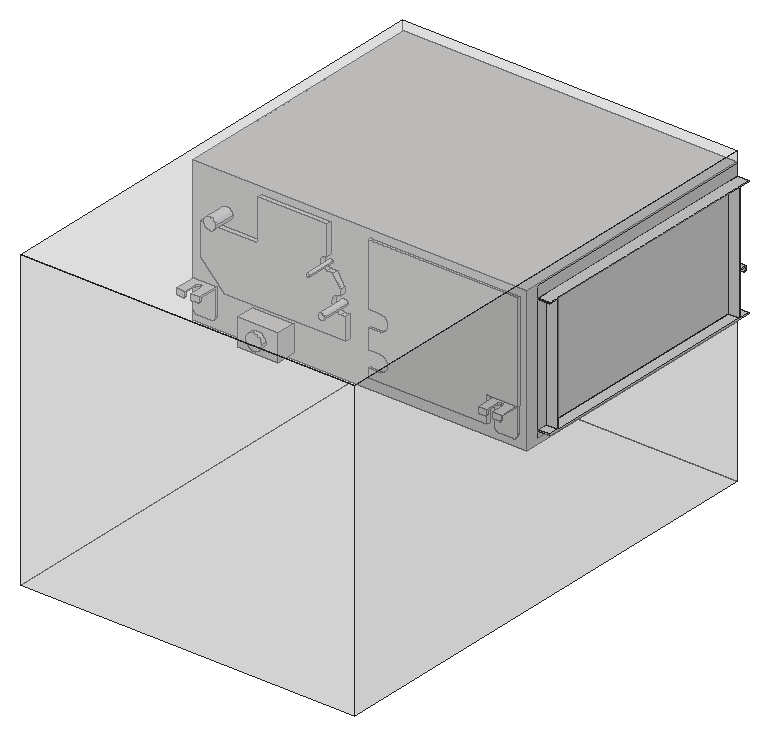
Revit family "outputfile", category 機械設備, Revit 2024
Family settings
  丸型コネクタ寸法 = 半径を使用
  パーツ タイプ = 標準
  OmniClass 番号 = 23.75.10.24.21.27.27
  OmniClass タイトル = Split System Air Conditioning Units
  作業面ベース = いいえ
  常に垂直 = はい
  ロード時にボイドで切り取り = いいえ
  注釈の向きを維持 = いいえ
  共有 = いいえ
  部屋計算ポイント = はい
Parameters (values of type "FXMQ25PAVE")
  Description = ""
  製造元 = "Daikin"
  書き出し IFC クラス(タイプ) = "IfcUnitaryEquipmentType"
  定義済み IFC タイプ(タイプ) = "AIRCONDITIONINGUNIT"
  Cost = 0
  モデル = "FXMQ25PAVE"
  Type Comments = ""
  Keynote = ""
  Type Image = (empty or 0)
  Assembly Code = ""
  r_Liquid Pipe Size = Liquid Pipe Size / 2  # 3.2 mm
  r_Gas Pipe Size = Gas Pipe Size / 2  # 6.35 mm
  r_Drain Pipe Size = Drain Pipe Size / 2  # 12.5 mm
  lw_power = 396.0 mm  # constant formula
  lh_SA = 165.0 mm  # constant formula
  lw_SA = if(Depth = 550.0 mm, 210.0 mm, if(Depth = 700.0 mm, 285.0 mm, if(Depth = 1000.0 mm, 435.0 mm, 635.0 mm)))  # 210.0 mm
  lw_RA = if(Depth = 550.0 mm, 288.0 mm, if(Depth = 700.0 mm, 363.0 mm, if(Depth = 1000.0 mm, 513.0 mm, 713.0 mm)))  # 288.0 mm
  lh_power = 60.0 mm + [h***]  # 60.0 mm
  lh_mountinghole1 = lh_mountinghole + [h***]  # 80.0 mm
  lh_RA = 150.0 mm  # constant formula
  ld_power = Depth / 2  # 275.0 mm
  Voltage_comment_60Hz = "220"
  Voltage_comment_50Hz = "220-240"
  Voltage_60Hz = 220 V
  Voltage_50Hz = 220 V
  URL = ""
  Supply Air Direction [instance] = yes
  Sound Power Level_H speed (dB) = 51
  Phase_60Hz = 1
  Phase_50Hz = 1
  Minimum External Static Pressure = 30.00 Pa
  Minimum Circuit Amps_60Hz = 0.6 A
  Minimum Circuit Amps_50Hz = 0.6 A
  Maximum Fuse Amps_60Hz = 16.0 A
  Maximum Fuse Amps_50Hz = 16.0 A
  Maximum External Static Pressure = 100.00 Pa
  Material_Casing = DAIKIN_GalvanizedSteel_Casing_indoorunit
  lw_mountinghole = 631.0 mm  # constant formula
  lh_gaspipe = 144.0 mm + [h***]  # 144.0 mm
  lh_mountinghole = 80.0 mm  # constant formula
  lh_liquidpipe = 212.0 mm + [h***]  # 212.0 mm
  lh_drainpipe = 232.0 mm + [h***]  # 232.0 mm
  lh_antena = Height - lh_mountinghole + 1.0 mm  # 221.0 mm
  ld_drainpipe = Depth / 2 + 54.0 mm  # 329.0 mm
  ld_liquidpipe = 335.0 mm
  ld_gaspipe = 335.0 mm
  ld_mountinghole = Depth + 38.0 mm  # 588.0 mm
  h*** = 0.0 mm  # constant formula
  lw_liquidpipe = 290.0 mm  # constant formula
  lw_gaspipe = 318.0 mm  # constant formula
  lw_drainpipe = 80.0 mm  # constant formula
  Width = 700.0 mm
  Version = "ver.1.0"
  Unit Type = "Middle-High Static Pressure Duct Type"
  Unit Mass Weight = 25.00 kg
  Unit Designation [instance] = ""
  Uniclass2015Version = "Products v1.30"
  Uniclass2015Title = "Variable refrigerant flow units"
  Uniclass2015Code = "Pr_70_65_03_94"
  Total Heating Capacity [instance] = 0.000 kW
  Total Cooling Capacity [instance] = 0.000 kW
  Sound Pressure Level_M speed (dBA) = 0
  Sound Pressure Level_L speed (dBA) = 28
  Sound Pressure Level_H speed (dBA) = 33
  Series = "VRV Fan Coil Unit"
  Sensible Cooling Capacity [instance] = 0.000 kW
  SA Duct Size Width = if(Depth = 550.0 mm, 310.0 mm, if(Depth = 700.0 mm, 460.0 mm, if(Depth = 1000.0 mm, 760.0 mm, 1160.0 mm)))  # 310.0 mm
  SA Duct Size Height = 215.0 mm
  Refrigerant Type = "R410A"
  RA Duct Size Width = if(Depth = 550.0 mm, 475.0 mm, if(Depth = 700.0 mm, 625.0 mm, if(Depth = 1000.0 mm, 925.0 mm, 1325.0 mm)))  # 475.0 mm
  RA Duct Size Height = 247.0 mm
  Power Input (Heating) = 0.069 kW
  Power Input (Cooling) = 0.081 kW
  Option Accessory 3 [instance] = ""
  Option Accessory 2 [instance] = ""
  Option Accessory 1 [instance] = ""
  Nominal Heating Capacity = 3.200 kW
  Nominal Cooling Capacity = 2.800 kW
  Minimum Airflow = 390.00 m³/h
  Median Airflow = 450.00 m³/h
  Maximum Airflow = 540.00 m³/h
  Load Classification = HVAC
  Liquid Pipe Size = 6.4 mm
  Link_Nested Family [instance] = ""
  IfcVersion = "0"
  IfcExportType = "AIRCONDITIONINGUNIT"
  IfcExportAs = "IfcUnitaryEquipmentType"
  Height = 300.0 mm
  Heating Entering Wet Bulb Temperature [instance] = 0.00 °C
  Heating Entering Dry Bulb Temperature [instance] = 0.00 °C
  Heating Ambient Wet Bulb Temperature [instance] = 0.00 °C
  Heating Ambient Dry Bulb Temperature [instance] = 0.00 °C
  Heat Exchanger Type = "Cross Fin Coil"
  Gas Pipe Size = 12.7 mm
  Frequency_60Hz = 60 Hz
  Frequency_50Hz = 50 Hz
  Fan Type = "Sirocco Fan"
  Fan Drive = "Direct Drive"
  FCU Tag No. [instance] = ""
  Drain Pipe Size = 25.0 mm
  Design Supply Airflow [instance] = 0.00 m³/h
  Design Return Airflow [instance] = 0.00 m³/h
  Design External Static Pressure [instance] = 0.00 Pa
  Depth = 550.0 mm
  既定の高さ = 0.0 mm
  Cooling Entering Wet Bulb Temperature [instance] = 0.00 °C
  Cooling Entering Dry Bulb Temperature [instance] = 0.00 °C
  Cooling Ambient Wet Bulb Temperature [instance] = 0.00 °C
  Cooling Ambient Dry Bulb Temperature [instance] = 0.00 °C
  Clearance visibility [instance] = yes
  Clearance Top = 20.0 mm
  Clearance Right = 0.0 mm
  Clearance Rear = 0.0 mm
  Clearance Left = 0.0 mm
  Clearance Front = 450.0 mm
  Clearance Bottom = 300.0 mm
Reference planes
  plane 1 "Center (Front/Back)": y = 0
  plane 2 "h": z = 0
  plane 3 "Center (Left/Right)": x = 0
  plane 4 "Back": y = 275
  plane 5 "Front": y = -275
  plane 6 "Left": x = -350
  plane 7 "Reight": x = 350
  plane 8 "Top": z = 0
  plane 9 "Bottom": z = -300
  plane 10: y = -215
  plane 11: y = 275
  plane 12: y = -725
  plane 13: x = -350
  plane 14: x = 350
  plane 15: z = 20
  plane 16: z = -600
  plane 17: x = -350
  plane 18: z = -135
  plane 19: x = -349
  plane 20: x = 349
  plane 21: y = 65
  plane 22: y = 13
  plane 23: z = -150
  plane 24: y = -285.8
  plane 25: z = -14
  plane 26: z = -219
  plane 27: x = -324
  plane 28: x = -60
  plane 29: x = -20
  plane 30: z = -156
  plane 31: x = -32
  plane 32: z = -88
  plane 33: x = 23
  plane 34: x = 335
  plane 35: z = -15.8
  plane 36: z = -274.8
  plane 37: z = -219.8
  plane 38: x = 271
  plane 39: x = -223.3
  plane 40: x = -138.3
  plane 41: z = -232.7
  plane 42: z = -288.5
  plane 43: y = -316
  plane 44: x = -181
  plane 45: z = -260
  plane 46: y = -326
  plane 47: z = -163.8
  plane 48: z = -239.8
  plane 49: x = 46
  plane 50: z = -88
  plane 51: x = -60
  plane 52: y = -335
  plane 53: z = -156
  plane 54: x = -32
  plane 55: y = -329
  plane 56: z = -68
  plane 57: x = -270
  plane 58: x = -270
  plane 59: x = -60
  plane 60: x = -32
  plane 61: x = 46
  plane 62: x = -323
  plane 63: x = 308
  plane 64: y = -294
  plane 65: y = 294
  plane 66: z = -220
  plane 67: y = -281
  plane 68: x = -204
  plane 69: z = -100.2
  plane 70: x = -374
  plane 71: x = 374
Forms (mm)
  Extrusion 1, solid, material "DAIKIN_GalvanizedSteel_Casing_indoorunit" <- "Material_Casing"
    sketch origin (0, 0, 0) x (1, 0, 0) y (0, 1, 0)
      loop
        line (-349, 275) -> (-349, -275) -> (349, -275) -> (349, 275) -> (-349, 275)
    from -300 to 0
  Extrusion 2, solid, material "DAIKIN_GalvanizedSteel_Casing_indoorunit" <- "Material_Casing"
    sketch origin (0, 0, 0) x (1, 0, 0) y (0, 0, 1)
      loop
        line (-324, -100.2) -> (-324, -168) -> (-273, -219) -> (-20, -219) -> (-20, -173.5) -> (-32, -173.5)
        arc (-32, -173.5) -> (-49.5, -156) -> (-32, -138.5) r 17.5
        line (-32, -138.5) -> (-32, -127.5) -> (-47, -101) -> (-60, -101)
        arc (-60, -101) -> (-73, -88) -> (-60, -75) r 13
        line (-60, -75) -> (-60, -14) -> (-204, -14) -> (-204, -100.2) -> (-324, -100.2)
    from 275 to 285.8
  Extrusion 3, solid, material "DAIKIN_GalvanizedSteel_Casing_indoorunit" <- "Material_Casing"
    sketch origin (0, 0, 0) x (1, 0, 0) y (0, 0, 1)
      loop
        line (23, -274.8) -> (271, -274.8) -> (271, -219.8) -> (335, -219.8) -> (335, -15.8) -> (23, -15.8) -> (23, -146.3) -> (46, -146.3)
        arc (46, -146.3) -> (63.5, -163.8) -> (46, -181.3) r 17.5
        line (46, -181.3) -> (23, -181.3) -> (23, -222.3) -> (46, -222.3)
        arc (46, -222.3) -> (63.5, -239.8) -> (46, -257.3) r 17.5
        line (46, -257.3) -> (23, -257.3) -> (23, -274.8)
    from 275 to 281
  Extrusion 4, solid, material "DAIKIN_GalvanizedSteel_Casing_indoorunit" <- "Material_Casing"
    sketch origin (0, 0, 0) x (1, 0, 0) y (0, 0, 1)
      loop
        line (-223.3, -232.7) -> (-223.3, -288.5) -> (-138.3, -288.5) -> (-138.3, -232.7) -> (-223.3, -232.7)
    from 275 to 316
  Extrusion 5, solid, material "DAIKIN_GalvanizedSteel_Casing_indoorunit" <- "Material_Casing"
    sketch origin (0, 0, 0) x (1, 0, 0) y (0, 0, 1)
      loop
        circle (-181, -260) r 16.5
    from 316 to 326
  Extrusion 6, solid
    sketch origin (0, 0, 0) x (1, 0, 0) y (0, 0, 1)
      loop
        circle (-60, -88) r 3.2
    from 275 to 335
  Extrusion 7, solid
    sketch origin (0, 0, 0) x (1, 0, 0) y (0, 0, 1)
      loop
        circle (-32, -156) r 6.35
    from 275 to 335
  Extrusion 8, solid
    sketch origin (0, 0, 0) x (1, 0, 0) y (0, 0, 1)
      loop
        circle (-270, -68) r 12.5
    from 285.8 to 329
Dimensions and locks
  "Height": plane 8 "Top" to plane 9 "Bottom"
  equal spacing: plane 4 "Back", plane 1 "Center (Front/Back)", plane 5 "Front"
  "Depth": plane 4 "Back" to plane 5 "Front"
  equal spacing: plane 6 "Left", plane 3 "Center (Left/Right)", plane 7 "Reight"
  "Width": plane 6 "Left" to plane 7 "Reight"
  "Clearance Left": plane 13 to plane 6 "Left"
  "Clearance Right": plane 7 "Reight" to plane 14
  "Clearance Rear": plane 11 to plane 4 "Back"
  "Clearance Front": plane 5 "Front" to plane 12
  "Clearance Top": plane 15 to plane 8 "Top"
  "Clearance Bottom": plane 9 "Bottom" to plane 16
  "lh_SA": plane 18 to plane 9 "Bottom"
  locked: plane 17 to plane 19 at 1
  locked: plane 20 to plane 14 at 1
  "lw_SA": plane 11 to plane 21
  "lw_RA": plane 22 to plane 5 "Front"
  "lh_RA": plane 23 to plane 9 "Bottom"
  locked: plane 5 "Front" to plane 24 at 10.8
  plane 29 to plane 28 to plane 27 to plane 6 "Left" = 40.0 mm, 264.0 mm, 26.0 mm
  locked: plane 31 to plane 6 "Left" at 318
  plane 34 to plane 33 to plane 6 "Left" = 312.0 mm locked, 373.0 mm locked
  locked: plane 34 to plane 38 at 64
  locked: plane 37 to plane 36 at 55
  plane 40 to plane 39 to plane 6 "Left" = 85.0 mm locked, 126.7 mm locked
  locked: plane 5 "Front" to plane 43 at 41
  locked: plane 44 to plane 6 "Left" at 169
  locked: plane 43 to plane 46 at 10
  plane 47 to plane 48 to plane 36 = 76.0 mm locked, 35.0 mm locked
  locked: plane 49 to plane 33 at 23
  "lw_liquidpipe": plane 51 to plane 6 "Left"
  "lh_liquidpipe": plane 50 to plane 9 "Bottom"
  "lh_gaspipe": plane 53 to plane 9 "Bottom"
  "lw_gaspipe": plane 54 to plane 6 "Left"
  "ld_gaspipe": plane 52 to plane 1 "Center (Front/Back)"
  "ld_drainpipe": plane 55 to plane 1 "Center (Front/Back)"
  "lh_drainpipe": plane 56 to plane 9 "Bottom"
  "lw_drainpipe": plane 57 to plane 6 "Left"
  "lw_drainpipe": plane 6 "Left" to plane 58
  "lw_liquidpipe": plane 6 "Left" to plane 59
  "lw_gaspipe": plane 6 "Left" to plane 60
  "lw_power": plane 6 "Left" to plane 61
  plane 17 to plane 62 = 27.0 mm
  "lw_mountinghole": plane 62 to plane 63
  equal spacing: plane 64, plane 1 "Center (Front/Back)", plane 65
  "ld_mountinghole": plane 65 to plane 64
  "lh_mountinghole": plane 66 to plane 9 "Bottom"
  plane 8 "Top" to plane 41 to plane 42 = 232.7 mm locked, 55.8 mm locked
  locked: plane 8 "Top" to plane 45 at 260
  plane 8 "Top" to plane 25 to plane 26 = 14.0 mm locked, 205.0 mm locked
  plane 8 "Top" to plane 32 to plane 30 = 88.0 mm locked, 68.0 mm locked
  plane 8 "Top" to plane 35 to plane 36 = 15.8 mm locked, 259.0 mm locked
  locked: plane 5 "Front" to plane 67 at 6
  locked: plane 25 to plane 69 at 86.2
  locked: plane 27 to plane 68 at 120
  locked: plane 70 to plane 6 "Left" at 24
  locked: plane 14 to plane 71 at 24
  "r_Liquid Pipe Size": radius of Extrusion 6 sketch curve
  "r_Gas Pipe Size": radius of Extrusion 7 sketch curve
  "r_Drain Pipe Size": radius of Extrusion 8 sketch curve
  aligned and locked: level to plane 2 "h"
  aligned and locked: plane 8 "Top" to Extrusion 1
  aligned and locked: Extrusion 1 to plane 9 "Bottom"
  aligned and locked: nested 5 to plane 12
  aligned and locked: plane 13 to nested 5
  aligned and locked: plane 14 to nested 5
  aligned and locked: nested 5 to plane 13
  aligned and locked: plane 11 to nested 5
  aligned and locked: plane 15 to nested 5
  aligned and locked: plane 16 to nested 5
  aligned and locked: plane 5 "Front" to Extrusion 1 sketch curve
  aligned and locked: Extrusion 1 to plane 19
  aligned and locked: plane 20 to Extrusion 1
  aligned and locked: nested 7 to plane 19
  aligned and locked: nested 7 to plane 21
  aligned and locked: plane 18 to nested 7
  aligned and locked: plane 20 to nested 8
  aligned and locked: plane 22 to nested 8
  aligned and locked: plane 23 to nested 8
  aligned and locked: Extrusion 2 to plane 24
  aligned and locked: plane 5 "Front" to Extrusion 2
  aligned and locked: plane 36 to Extrusion 3 sketch curve
  aligned and locked: plane 38 to Extrusion 3 sketch curve
  aligned and locked: plane 37 to Extrusion 3 sketch curve
  aligned and locked: Extrusion 3 sketch curve to plane 34
  aligned and locked: Extrusion 3 sketch curve to plane 35
  aligned and locked: Extrusion 3 sketch curve to plane 33
  aligned and locked: plane 5 "Front" to Extrusion 3
  aligned and locked: Extrusion 4 sketch curve to plane 41
  aligned and locked: Extrusion 4 sketch curve to plane 39
  aligned and locked: plane 42 to Extrusion 4 sketch curve
  aligned and locked: plane 40 to Extrusion 4 sketch curve
  aligned and locked: Extrusion 4 to plane 43
  aligned and locked: plane 5 "Front" to Extrusion 4
  aligned and locked: Extrusion 5 sketch curve to plane 44
  aligned and locked: plane 45 to Extrusion 5 sketch curve
  aligned and locked: Extrusion 5 to plane 46
  aligned and locked: plane 43 to Extrusion 5
  aligned and locked: Extrusion 6 sketch curve to plane 51
  aligned and locked: plane 50 to Extrusion 6 sketch curve
  aligned and locked: Extrusion 6 to plane 52
  aligned and locked: plane 5 "Front" to Extrusion 6
  aligned and locked: Extrusion 7 sketch curve to plane 54
  aligned and locked: plane 53 to Extrusion 7 sketch curve
  aligned and locked: Extrusion 7 to Extrusion 6
  aligned and locked: plane 5 "Front" to Extrusion 7
  aligned and locked: Extrusion 8 sketch curve to plane 57
  aligned and locked: plane 56 to Extrusion 8 sketch curve
  aligned and locked: Extrusion 8 to plane 55
  aligned and locked: plane 24 to Extrusion 8
  aligned and locked: nested 3 to plane 55
  aligned and locked: plane 58 to nested 3
  aligned and locked: nested 2 to plane 59
  aligned and locked: nested 2 to plane 52
  aligned and locked: nested 1 to plane 60
  aligned and locked: Extrusion 7 to plane 52
  aligned and locked: nested 1 to plane 52
  aligned and locked: nested 6 to plane 5 "Front"
  aligned and locked: plane 61 to nested 6
  aligned and locked: plane 62 to nested 10
  aligned and locked: nested 10 to plane 5 "Front"
  aligned and locked: plane 63 to nested 9
  aligned and locked: nested 9 to plane 5 "Front"
  aligned and locked: nested 11 to plane 62
  aligned and locked: plane 4 "Back" to nested 11
  aligned and locked: nested 12 to plane 63
  aligned and locked: plane 4 "Back" to nested 12
  aligned and locked: plane 66 to nested 10
  aligned and locked: plane 66 to nested 11
  aligned and locked: plane 66 to nested 9
  aligned and locked: plane 66 to nested 12
  aligned and locked: plane 62 to nested 14
  aligned and locked: nested 14 to plane 65
  aligned and locked: plane 63 to nested 13
  aligned and locked: nested 13 to plane 65
  aligned and locked: plane 63 to nested 16
  aligned and locked: plane 64 to nested 16
  aligned and locked: plane 64 to nested 15
  aligned and locked: plane 62 to nested 15
  aligned and locked: Extrusion 3 to plane 67
  aligned and locked: Extrusion 2 sketch curve to plane 68
  aligned and locked: plane 69 to Extrusion 2 sketch curve
  aligned and locked: nested 17 to plane 21
  aligned and locked: nested 17 to plane 70
  aligned and locked: plane 18 to nested 17
  aligned and locked: plane 22 to nested 18
  aligned and locked: plane 71 to nested 18
  aligned and locked: nested 18 to plane 23
  aligned and locked: nested 4 to plane 3 "Center (Left/Right)"
  aligned and locked: plane 1 "Center (Front/Back)" to nested 4
  aligned and locked: level to plane 8 "Top"
Automatic sketch dimensions
  plane 6 "Left" to Extrusion 1 sketch curve = 1.0 mm
  Extrusion 1 sketch curve to plane 7 "Reight" = 1.0 mm
  Extrusion 1 sketch curve to plane 4 "Back" = 0.0 mm
  Extrusion 3 sketch curve to plane 33 = 0.0 mm  (x2)
  Extrusion 3 sketch curve to plane 47 = 0.0 mm
  Extrusion 3 sketch curve to plane 49 = 0.0 mm  (x4)
  Extrusion 3 sketch curve to plane 48 = 0.0 mm
  Extrusion 3 sketch curve to plane 37 = 2.5 mm
  plane 23 to Extrusion 3 sketch curve = 3.7 mm
  plane 27 to Extrusion 2 sketch curve = 0.0 mm
  Extrusion 2 sketch curve to plane 26 = 0.0 mm
  Extrusion 2 sketch curve to plane 28 = 0.0 mm
  Extrusion 2 sketch curve to plane 31 = 0.0 mm
  Extrusion 2 sketch curve to plane 29 = 0.0 mm
  Extrusion 2 sketch curve to plane 30 = 0.0 mm
  Extrusion 2 sketch curve to plane 32 = 0.0 mm
  Extrusion 2 sketch curve to plane 25 = 0.0 mm
  Extrusion 2 sketch curve to Extrusion 2 sketch curve = 13.0 mm
  Extrusion 2 sketch curve to Extrusion 2 sketch curve = 17.5 mm
  plane 18 to Extrusion 2 sketch curve = 7.5 mm
  Extrusion 2 sketch curve to plane 58 = 3.0 mm
  Extrusion 2 sketch curve to plane 30 = 12.0 mm
  Extrusion 2 sketch curve to Extrusion 2 sketch curve = 0.8 mm
  radius of Extrusion 5 sketch curve = 16.5 mm
Nested families
  nested 1: "daikin_connector_rotate2" at (-32, 0, -156), length <- "ld_gaspipe", built-in parameter 1001364 <- "lh_gaspipe", radius <- "r_Gas Pipe Size", type "daikin_connector_rotate2"
    with radius 6.35 mm, length 335.0 mm, angle_vertical 90.00°
  nested 2: "daikin_connector_rotate2" at (-60, 0, -88), length <- "ld_liquidpipe", built-in parameter 1001364 <- "lh_liquidpipe", radius <- "r_Liquid Pipe Size", type "daikin_connector_rotate2"
    with radius 3.2 mm, length 335.0 mm, angle_vertical 90.00°
  nested 3: "daikin_connector_rotate2" at (-270, 0, -68), length <- "ld_drainpipe", built-in parameter 1001364 <- "lh_drainpipe", radius <- "r_Drain Pipe Size", type "daikin_connector_rotate2"
    with radius 12.5 mm, length 329.0 mm, angle_vertical 90.00°
  nested 4: "daikin_△_symbolicline" at (0, 0, 300) x (0, -1, 0) z (0, 0, 1), built-in parameter 1001364 <- "Height", visible <- "Supply Air Direction", type "daikin_△_symbolicline"
    with length 200.0 mm
  nested 5: "daikin_clearancespace" at (0, -225, -289.881), visible <- "Clearance visibility", show <- "Clearance visibility", Link_Nested Family <- "Link_Nested Family", type "daikin_clearancespace"
    with width 700.0 mm, show yes, height 620.0 mm, depth 1000.0 mm, Link_Nested Family ""
  nested 6: "daikin_connector_rotate2" at (46, 0, -240), built-in parameter 1001364 <- "lh_power", length <- "ld_power", type "daikin_connector_rotate2"
    with radius 10.0 mm, length 275.0 mm, angle_vertical 90.00°
  nested 7: "daikin_ductflange_FXMQ-PAVE2" at (-349, 65, -135) x (0, -1, 0) z (0, 0, 1), type "daikin_ductflange_FXMQ-PAVE2"
  nested 8: "daikin_ductflange_FXMQ-PAVE" at (349, 13, -150) x (0, 1, 0) z (0, 0, 1), type "daikin_ductflange_FXMQ-PAVE"
  nested 9: "daikin_hangerfixture_FXMQ-PAVE" at (308, -275, -220), type "daikin_hangerfixture_FXMQ-PAVE"
  nested 10: "daikin_hangerfixture_FXMQ-PAVE" at (-323, -275, -220), type "daikin_hangerfixture_FXMQ-PAVE"
  nested 11: "daikin_hangerfixture_FXMQ-PAVE" at (-323, 275, -220) x (-1, 0, 0) z (0, 0, 1), type "daikin_hangerfixture_FXMQ-PAVE"
  nested 12: "daikin_hangerfixture_FXMQ-PAVE" at (308, 275, -220) x (-1, 0, 0) z (0, 0, 1), type "daikin_hangerfixture_FXMQ-PAVE"
  nested 13: "daikin_mountinghole" at (308, 294, -300), h_mountinghole <- "lh_mountinghole1", l_antenna <- "lh_antena", Link_Nested Family <- "Link_Nested Family", type "daikin_mountinghole"
    with show yes, l_antenna 221.0 mm, h_mountinghole 80.0 mm, Link_Nested Family ""
  nested 14: "daikin_mountinghole" at (-323, 294, -300), h_mountinghole <- "lh_mountinghole1", l_antenna <- "lh_antena", Link_Nested Family <- "Link_Nested Family", type "daikin_mountinghole"
    with show yes, l_antenna 221.0 mm, h_mountinghole 80.0 mm, Link_Nested Family ""
  nested 15: "daikin_mountinghole" at (-323, -294, -300), h_mountinghole <- "lh_mountinghole1", l_antenna <- "lh_antena", Link_Nested Family <- "Link_Nested Family", type "daikin_mountinghole"
    with show yes, l_antenna 221.0 mm, h_mountinghole 80.0 mm, Link_Nested Family ""
  nested 16: "daikin_mountinghole" at (308, -294, -300), h_mountinghole <- "lh_mountinghole1", l_antenna <- "lh_antena", Link_Nested Family <- "Link_Nested Family", type "daikin_mountinghole"
    with show yes, l_antenna 221.0 mm, h_mountinghole 80.0 mm, Link_Nested Family ""
  nested 17: "daikin_connector_rotate2" at (-350, 65, -135) x (0, -1, 0) z (0, 0, 1), type "daikin_connector_rotate2"
    with radius 10.0 mm, length 24.0 mm, angle_vertical 90.00°
  nested 18: "daikin_connector_rotate2" at (350, 13, -150) x (0, 1, 0) z (0, 0, 1), type "daikin_connector_rotate2"
    with radius 10.0 mm, length 24.0 mm, angle_vertical 90.00°
Connectors
  piping at (-270, -329, -68), diameter 25, driven by "r_Drain Pipe Size"
    settings: on nested 3, index 3, connector inside diameter 609.6 mm, connector length 0.0 mm, flow factor 0, pipe flow 0.00 m³/h, pressure drop 0.0 Pa, fitting loss kfactor 0, connector angle 0.00°, fixture units 0, engagement length 0.0 mm, angle of deflection 0.00°, flow configuration 1, flow direction 2, fitting loss method 4, system type 16, joint type 0, gender type 0, connector reference index -1, connector utility 0, adjustable connector no, is connector primary yes, connector description "Condensate Drain Piping"
  piping at (-32, -335, -156), diameter 12.7, driven by "r_Gas Pipe Size"
    settings: on nested 1, index 4, connector inside diameter 609.6 mm, connector length 0.0 mm, flow factor 0, pipe flow 0.00 m³/h, pressure drop 0.0 Pa, fitting loss kfactor 0, connector angle 0.00°, fixture units 0, engagement length 0.0 mm, angle of deflection 0.00°, flow configuration 1, flow direction 2, fitting loss method 0, system type 29, joint type 0, gender type 0, connector reference index -1, connector utility 0, adjustable connector no, is connector primary no, connector description "Refrigerant Gas Piping"
  piping at (-60, -335, -88), diameter 6.4, driven by "r_Liquid Pipe Size"
    settings: on nested 2, index 5, connector inside diameter 609.6 mm, connector length 0.0 mm, flow factor 0, pipe flow 0.00 m³/h, pressure drop 0.0 Pa, fitting loss kfactor 0, connector angle 0.00°, fixture units 0, engagement length 0.0 mm, angle of deflection 0.00°, flow configuration 1, flow direction 1, fitting loss method 0, system type 29, joint type 0, gender type 0, connector reference index -1, connector utility 0, adjustable connector no, is connector primary no, connector description "Refrigerant Liquid Piping"
  electrical at (46, -275, -240), driven by "Load Classification"
    settings: on nested 6, index 6, voltage 0 V, apparent load 0 VA, apparent load phase1 0 VA, apparent load phase2 0 VA, apparent load phase3 0 VA, power factor 1, load classification "HVAC", number of poles 1, system type 30, power factor state 1, is connector primary yes, connector utility no, sub classification motor no, connector description "Power Supply"
  hvac at (-374, 65, -135), driven by "SA Duct Size Height", driven by "SA Duct Size Width"
    settings: on nested 17, index 7, duct flow 0.00 m³/h, flow factor 0, pres drop 0.00 Pa, loss coef 0, conn angle 0.00°, conn width 310.0 mm, conn height 215.0 mm, conn diameter 609.6 mm, duct sys type 1, conn prof type 1, flow config 0, flow direction 2, loss method 4, conn ref index -1, conn util no, is conn primary yes, conn desc "SA Duct"
  hvac at (374, 13, -150), driven by "RA Duct Size Height", driven by "RA Duct Size Width"
    settings: on nested 18, index 8, duct flow 0.00 m³/h, flow factor 0, pres drop 0.00 Pa, loss coef 0, conn angle 0.00°, conn width 475.0 mm, conn height 247.0 mm, conn diameter 609.6 mm, duct sys type 2, conn prof type 1, flow config 0, flow direction 1, loss method 4, conn ref index -1, conn util no, is conn primary no, conn desc "RA Duct"
Definition of nested family "daikin_clearancespace"
  Parameters (values of type "daikin_clearancespace")
    width [instance] = 1823.963 mm
    show [instance] = yes
    material = none
    height [instance] = 1359.762 mm
    depth [instance] = 880.0 mm
    Default Elevation = 0.0 mm
    Link_Nested Family [instance] = ""
  Reference planes
    plane 1 "Center (Front/Back)": y = 0
    plane 2 "Center (Elevation)": z = -0.119
    plane 3 "Center (Left/Right)": x = 0
    plane 4: y = 440
    plane 5: y = -440
    plane 6 "Right": x = 911.982
    plane 7 "Left": x = -911.982
    plane 8 "Top": z = 679.762
    plane 9 "Bottom": z = -680
  Forms (mm)
    Extrusion 1, solid, material <- "material", visible <- "show"
      sketch origin (0, 0, 0) x (1, 0, 0) y (0, 1, 0)
        loop
          line (-911.982, 440) -> (-911.982, -440) -> (911.982, -440) -> (911.982, 440) -> (-911.982, 440)
      from -680 to 679.762
  Lines and regions (mm)
    symbolic lines, visible <- "show"
      curve 1: line (911.982, 440, 0) -> (-911.982, 440, 0)
      curve 2: line (-911.982, 440, 0) -> (-911.982, -440, 0)
      curve 3: line (-911.982, -440, 0) -> (911.982, -440, 0)
      curve 4: line (911.982, -440, 0) -> (911.982, 440, 0)
      curve 5: line (911.982, 0, 679.762) -> (-911.982, 0, 679.762)
      curve 6: line (911.982, 0, -680) -> (911.982, 0, 679.762)
      curve 7: line (-911.982, 0, -680) -> (911.982, 0, -680)
      curve 8: line (-911.982, 0, 679.762) -> (-911.982, 0, -680)
      curve 9: line (0, 440, 679.762) -> (0, -440, 679.762)
      curve 10: line (0, -440, 679.762) -> (0, -440, -680)
      curve 11: line (0, 440, -680) -> (0, 440, 679.762)
      curve 12: line (0, -440, -680) -> (0, 440, -680)
  Dimensions and locks
    "width": plane 7 "Left" to plane 6 "Right"
    "depth": plane 4 to plane 5
    "height": plane 8 "Top" to plane 9 "Bottom"
    equal spacing: plane 7 "Left", plane 3 "Center (Left/Right)", plane 6 "Right"
    equal spacing: plane 4, plane 1 "Center (Front/Back)", plane 5
    equal spacing: plane 8 "Top", plane 2 "Center (Elevation)", plane 9 "Bottom"
    aligned and locked: level to plane 2 "Center (Elevation)"
    aligned and locked: Extrusion 1 sketch curve to plane 4
    aligned and locked: plane 7 "Left" to Extrusion 1 sketch curve
    aligned and locked: Extrusion 1 sketch curve to plane 5
    aligned and locked: Extrusion 1 sketch curve to plane 6 "Right"
    aligned and locked: plane 8 "Top" to Extrusion 1
    aligned and locked: curve 1 to Extrusion 1
    aligned and locked: curve 2 to Extrusion 1
    aligned and locked: curve 3 to Extrusion 1
    aligned and locked: curve 4 to Extrusion 1
    aligned and locked: curve 5 to Extrusion 1
    aligned and locked: curve 6 to Extrusion 1
    aligned and locked: curve 7 to Extrusion 1
    aligned and locked: curve 8 to Extrusion 1
    aligned and locked: curve 9 to Extrusion 1
    aligned and locked: curve 10 to Extrusion 1
    aligned and locked: curve 11 to Extrusion 1
    aligned and locked: curve 12 to Extrusion 1
    aligned and locked: Extrusion 1 to plane 9 "Bottom"
Definition of nested family "daikin_ductflange_FXMQ-PAVE2"
  Parameters (values of type "daikin_ductflange_FXDSQ-AVM2")
    width = if(w = 550.0 mm, 310.0 mm, if(w = 700.0 mm, 460.0 mm, if(w = 1000.0 mm, 760.0 mm, 1160.0 mm)))  # 310.0 mm
    material = none
    height = 215.0 mm
    depth = 1.0 mm
    w = 550.0 mm
    Default Elevation = 0.0 mm
  Reference planes
    plane 1 "Center (Front/Back)": y = 0
    plane 2: z = 0
    plane 3 "Center (Left/Right)": x = 0
    plane 4: z = 107.5
    plane 5: z = -107.5
    plane 6: y = -25
    plane 7: z = 132.5
    plane 8: z = 108.5
    plane 9: y = -1
    plane 10: x = -177.5
    plane 11: x = 177.5
    plane 12: z = -132.5
    plane 13: z = -108.5
    plane 14: y = -1
    plane 15: x = 155
    plane 16: x = -155
    plane 17: x = 156
    plane 18: z = 106.5
    plane 19: z = -106.5
    plane 20: x = -156
    plane 21: z = 106.5
    plane 22: z = -106.5
    plane 23: y = -1
  Forms (mm)
    Extrusion 1, solid, material <- "material"
      sketch origin (0, 0, 0) x (0, 1, 0) y (0, 0, 1)
        loop
          line (-25, 107.5) -> (0, 107.5) -> (0, 132.5) -> (-1, 132.5) -> (-1, 108.5) -> (-25, 108.5) -> (-25, 107.5)
      from -177.5 to 177.5
    Extrusion 2, solid, material <- "material"
      sketch origin (0, 0, 0) x (0, 1, 0) y (0, 0, 1)
        loop
          line (-25, -107.5) -> (-25, -108.5) -> (-1, -108.5) -> (-1, -132.5) -> (0, -132.5) -> (0, -107.5) -> (-25, -107.5)
      from -177.5 to 177.5
    Extrusion 3, solid, material <- "material"
      sketch origin (0, 0, 0) x (1, 0, 0) y (0, 0, 1)
        loop
          line (155, 107.5) -> (155, -107.5) -> (177.5, -107.5) -> (177.5, -106.5) -> (156, -106.5) -> (156, 106.5) -> (177.5, 106.5) -> (177.5, 107.5) -> (155, 107.5)
      from 0 to 25
    Extrusion 4, solid, material <- "material"
      sketch origin (0, 0, 0) x (1, 0, 0) y (0, 0, 1)
        loop
          line (-177.5, 107.5) -> (-177.5, 106.5) -> (-156, 106.5) -> (-156, -106.5) -> (-177.5, -106.5) -> (-177.5, -107.5) -> (-155, -107.5) -> (-155, 107.5) -> (-177.5, 107.5)
      from 0 to 25
    Extrusion 5, solid, material <- "material"
      sketch origin (0, 0, 0) x (1, 0, 0) y (0, 0, 1)
        loop
          line (-177.5, 107.5) -> (-177.5, -107.5) -> (-155, -107.5) -> (-155, 107.5) -> (-177.5, 107.5)
        loop
          line (177.5, 107.5) -> (155, 107.5) -> (155, -107.5) -> (177.5, -107.5) -> (177.5, 107.5)
      from 0 to 1
  Cuts and joins
    joined: Extrusion 1, Extrusion 2, Extrusion 3, Extrusion 4, Extrusion 5
  Dimensions and locks
    plane 4 to level to plane 5 = 107.5 mm locked, 107.5 mm locked
    locked: plane 6 to plane 1 "Center (Front/Back)" at 25
    locked: plane 9 to plane 1 "Center (Front/Back)" at 1
    locked: plane 8 to plane 4 at 1
    locked: plane 11 to plane 15 at 22.5
    locked: plane 16 to plane 10 at 22.5
    locked: plane 17 to plane 15 at 1
    locked: plane 4 to plane 18 at 1
    locked: plane 19 to plane 5 at 1
    "width": plane 15 to plane 16
    plane 4 to plane 5 = 215.0 mm
    equal spacing: plane 15, plane 3 "Center (Left/Right)", plane 16
    locked: plane 16 to plane 20 at 1
    locked: plane 4 to plane 21 at 1
    locked: plane 22 to plane 5 at 1
    locked: plane 23 to plane 1 "Center (Front/Back)" at 1
    aligned and locked: level to plane 2
    aligned and locked: Extrusion 1 to plane 10
    aligned and locked: plane 11 to Extrusion 1
    aligned and locked: plane 5 to Extrusion 2
    aligned and locked: Extrusion 2 to plane 1 "Center (Front/Back)"
    aligned and locked: plane 15 to Extrusion 3 sketch curve
    aligned and locked: Extrusion 3 sketch curve to Extrusion 2  (x2)
    aligned and locked: Extrusion 3 sketch curve to plane 11
    aligned and locked: plane 6 to Extrusion 3
    aligned and locked: Extrusion 2 to plane 10
    aligned and locked: plane 11 to Extrusion 2
    aligned and locked: Extrusion 4 sketch curve to Extrusion 1  (x2)
    aligned and locked: plane 5 to Extrusion 4 sketch curve
    aligned and locked: Extrusion 4 sketch curve to plane 16
    aligned and locked: Extrusion 4 sketch curve to plane 22
    aligned and locked: plane 20 to Extrusion 4 sketch curve
    aligned and locked: plane 21 to Extrusion 4 sketch curve
    aligned and locked: Extrusion 4 to plane 1 "Center (Front/Back)"
    aligned and locked: plane 6 to Extrusion 4
    aligned and locked: Extrusion 5 sketch curve to Extrusion 1  (x4)
    aligned and locked: Extrusion 5 sketch curve to Extrusion 4  (x2)
    aligned and locked: Extrusion 5 sketch curve to Extrusion 3  (x2)
    aligned and locked: Extrusion 5 to plane 1 "Center (Front/Back)"
    aligned and locked: plane 23 to Extrusion 5
  Automatic sketch dimensions
    Extrusion 1 sketch curve to plane 6 = 0.0 mm
    Extrusion 1 sketch curve to plane 7 = 0.0 mm
    Extrusion 1 sketch curve to plane 9 = 0.0 mm
    Extrusion 1 sketch curve to plane 1 "Center (Front/Back)" = 0.0 mm
    Extrusion 1 sketch curve to plane 4 = 0.0 mm
    Extrusion 1 sketch curve to plane 8 = 0.0 mm
    Extrusion 2 sketch curve to plane 6 = 0.0 mm
    plane 12 to Extrusion 2 sketch curve = 0.0 mm
    Extrusion 2 sketch curve to plane 14 = 0.0 mm
    Extrusion 2 sketch curve to plane 1 "Center (Front/Back)" = 0.0 mm
    plane 13 to Extrusion 2 sketch curve = 0.0 mm
    Extrusion 2 sketch curve to plane 5 = 0.0 mm
    Extrusion 3 sketch curve to plane 17 = 0.0 mm
    Extrusion 3 sketch curve to plane 19 = 0.0 mm
    Extrusion 3 sketch curve to plane 18 = 0.0 mm
    Extrusion 3 sketch curve to plane 4 = 0.0 mm
    Extrusion 4 sketch curve to plane 10 = 0.0 mm
Definition of nested family "daikin_ductflange_FXMQ-PAVE"
  Parameters (values of type "daikin_ductflange_FXDSQ-AVM")
    width = if(w = 550.0 mm, 475.0 mm, if(w = 700.0 mm, 625.0 mm, if(w = 1000.0 mm, 925.0 mm, 1325.0 mm)))  # 475.0 mm
    material = none
    height = 247.0 mm
    depth = 1.0 mm
    w = 550.0 mm
    Default Elevation = 0.0 mm
  Reference planes
    plane 1 "Center (Front/Back)": y = 0
    plane 2: z = 0
    plane 3 "Center (Left/Right)": x = 0
    plane 4: z = 123.5
    plane 5: z = -123.5
    plane 6: y = -25
    plane 7: z = 146.5
    plane 8: z = 124.5
    plane 9: y = -1
    plane 10: x = -260
    plane 11: x = 260
    plane 12: z = -137
    plane 13: z = -124.5
    plane 14: y = -1
    plane 15: x = 237.5
    plane 16: x = -237.5
    plane 17: x = 238.5
    plane 18: z = 122.5
    plane 19: z = -122.5
    plane 20: x = -238.5
    plane 21: z = 122.5
    plane 22: z = -122.5
    plane 23: y = -1
  Forms (mm)
    Extrusion 1, solid, material <- "material"
      sketch origin (0, 0, 0) x (0, 1, 0) y (0, 0, 1)
        loop
          line (-25, 123.5) -> (0, 123.5) -> (0, 146.5) -> (-1, 146.5) -> (-1, 124.5) -> (-25, 124.5) -> (-25, 123.5)
      from -260 to 260
    Extrusion 2, solid, material <- "material"
      sketch origin (0, 0, 0) x (0, 1, 0) y (0, 0, 1)
        loop
          line (-25, -123.5) -> (-25, -124.5) -> (-1, -124.5) -> (-1, -137) -> (0, -137) -> (0, -123.5) -> (-25, -123.5)
      from -260 to 260
    Extrusion 3, solid, material <- "material"
      sketch origin (0, 0, 0) x (1, 0, 0) y (0, 0, 1)
        loop
          line (237.5, 123.5) -> (237.5, -123.5) -> (260, -123.5) -> (260, -122.5) -> (238.5, -122.5) -> (238.5, 122.5) -> (260, 122.5) -> (260, 123.5) -> (237.5, 123.5)
      from 0 to 25
    Extrusion 4, solid, material <- "material"
      sketch origin (0, 0, 0) x (1, 0, 0) y (0, 0, 1)
        loop
          line (-260, 123.5) -> (-260, 122.5) -> (-238.5, 122.5) -> (-238.5, -122.5) -> (-260, -122.5) -> (-260, -123.5) -> (-237.5, -123.5) -> (-237.5, 123.5) -> (-260, 123.5)
      from 0 to 25
    Extrusion 5, solid, material <- "material"
      sketch origin (0, 0, 0) x (1, 0, 0) y (0, 0, 1)
        loop
          line (-260, 123.5) -> (-260, -123.5) -> (-237.5, -123.5) -> (-237.5, 123.5) -> (-260, 123.5)
        loop
          line (260, 123.5) -> (237.5, 123.5) -> (237.5, -123.5) -> (260, -123.5) -> (260, 123.5)
      from 0 to 1
  Cuts and joins
    joined: Extrusion 1, Extrusion 2, Extrusion 3, Extrusion 4, Extrusion 5
  Dimensions and locks
    plane 4 to level to plane 5 = 123.5 mm, 123.5 mm
    locked: plane 6 to plane 1 "Center (Front/Back)" at 25
    locked: plane 9 to plane 1 "Center (Front/Back)" at 1
    locked: plane 8 to plane 4 at 1
    locked: plane 11 to plane 15 at 22.5
    locked: plane 16 to plane 10 at 22.5
    locked: plane 17 to plane 15 at 1
    locked: plane 4 to plane 18 at 1
    locked: plane 19 to plane 5 at 1
    "width": plane 15 to plane 16
    equal spacing: plane 15, plane 3 "Center (Left/Right)", plane 16
    locked: plane 16 to plane 20 at 1
    locked: plane 4 to plane 21 at 1
    locked: plane 22 to plane 5 at 1
    locked: plane 23 to plane 1 "Center (Front/Back)" at 1
    equal spacing: plane 4, level, plane 5
    locked: plane 7 to plane 4 at 23
    locked: plane 5 to plane 12 at 13.5
    locked: plane 1 "Center (Front/Back)" to plane 14 at 1
    locked: plane 5 to plane 13 at 1
    locked: plane 4 to plane 5 at 247
    aligned and locked: level to plane 2
    aligned and locked: Extrusion 1 to plane 10
    aligned and locked: plane 11 to Extrusion 1
    aligned and locked: plane 5 to Extrusion 2
    aligned and locked: Extrusion 2 to plane 1 "Center (Front/Back)"
    aligned and locked: plane 15 to Extrusion 3 sketch curve
    aligned and locked: Extrusion 3 sketch curve to Extrusion 2  (x2)
    aligned and locked: Extrusion 3 sketch curve to plane 11
    aligned and locked: plane 6 to Extrusion 3
    aligned and locked: Extrusion 2 to plane 10
    aligned and locked: plane 11 to Extrusion 2
    aligned and locked: Extrusion 4 sketch curve to Extrusion 1  (x2)
    aligned and locked: plane 5 to Extrusion 4 sketch curve
    aligned and locked: Extrusion 4 sketch curve to plane 16
    aligned and locked: Extrusion 4 sketch curve to plane 22
    aligned and locked: plane 20 to Extrusion 4 sketch curve
    aligned and locked: plane 21 to Extrusion 4 sketch curve
    aligned and locked: Extrusion 4 to plane 1 "Center (Front/Back)"
    aligned and locked: plane 6 to Extrusion 4
    aligned and locked: Extrusion 5 sketch curve to Extrusion 1  (x4)
    aligned and locked: Extrusion 5 sketch curve to Extrusion 4  (x2)
    aligned and locked: Extrusion 5 sketch curve to Extrusion 3  (x2)
    aligned and locked: Extrusion 5 to plane 1 "Center (Front/Back)"
    aligned and locked: plane 23 to Extrusion 5
  Automatic sketch dimensions
    Extrusion 1 sketch curve to plane 6 = 0.0 mm
    Extrusion 1 sketch curve to plane 7 = 0.0 mm
    Extrusion 1 sketch curve to plane 9 = 0.0 mm
    Extrusion 1 sketch curve to plane 1 "Center (Front/Back)" = 0.0 mm
    Extrusion 1 sketch curve to plane 4 = 0.0 mm
    Extrusion 1 sketch curve to plane 8 = 0.0 mm
    Extrusion 2 sketch curve to plane 6 = 0.0 mm
    plane 12 to Extrusion 2 sketch curve = 0.0 mm
    Extrusion 2 sketch curve to plane 14 = 0.0 mm
    Extrusion 2 sketch curve to plane 1 "Center (Front/Back)" = 0.0 mm
    plane 13 to Extrusion 2 sketch curve = 0.0 mm
    Extrusion 2 sketch curve to plane 5 = 0.0 mm
    Extrusion 3 sketch curve to plane 17 = 0.0 mm
    Extrusion 3 sketch curve to plane 19 = 0.0 mm
    Extrusion 3 sketch curve to plane 18 = 0.0 mm
    Extrusion 3 sketch curve to plane 4 = 0.0 mm
    Extrusion 4 sketch curve to plane 10 = 0.0 mm
Definition of nested family "daikin_hangerfixture_FXMQ-PAVE"
  Parameters (values of type "daikin_hangerfixture_FXMQ-PAVE")
    width = 48.0 mm
    material = none
    height = 65.0 mm
    depth = 45.0 mm
    Default Elevation = 0.0 mm
  Reference planes
    plane 1 "Center (Front/Back)": y = 0
    plane 2: z = 0
    plane 3 "Center (Left/Right)": x = 0
    plane 4: y = 417.146
    plane 5: y = -45
    plane 6: x = -24
    plane 7: x = 24
    plane 8: z = -2.3
    plane 9: z = -65
    plane 10: y = -2.3
    plane 11: z = -12
    plane 12: y = -42.7
  Forms (mm)
    Extrusion 1, solid, material <- "material"
      sketch origin (0, 0, 0) x (1, 0, 0) y (0, 1, 0)
        loop
          line (24, 0) -> (-24, 0) -> (-24, -45) -> (-6, -45) -> (-6, -19)
          arc (-6, -19) -> (0, -13) -> (6, -19) r 6
          line (6, -19) -> (6, -45) -> (24, -45) -> (24, 0)
      from 0 to -2.3
    Extrusion 2, solid, material <- "material"
      sketch origin (0, 0, 0) x (1, 0, 0) y (0, 0, 1)
        loop
          line (24, -55) -> (24, 0) -> (-24, 0) -> (-24, -55)
          arc (-24, -55) -> (-21.071, -62.071) -> (-14, -65) r 10
          line (-14, -65) -> (14, -65)
          arc (14, -65) -> (21.071, -62.071) -> (24, -55) r 10
      from 0 to 2.3
    Extrusion 3, solid, material <- "material"
      sketch origin (0, 0, 0) x (1, 0, 0) y (0, 0, 1)
        loop
          line (-6, -9) -> (-6, 0) -> (-24, 0) -> (-24, -9)
          arc (-24, -9) -> (-23.121, -11.121) -> (-21, -12) r 3
          line (-21, -12) -> (-9, -12)
          arc (-9, -12) -> (-6.879, -11.121) -> (-6, -9) r 3
        loop
          line (6, 0) -> (6, -9)
          arc (6, -9) -> (6.879, -11.121) -> (9, -12) r 3
          line (9, -12) -> (21, -12)
          arc (21, -12) -> (23.121, -11.121) -> (24, -9) r 3
          line (24, -9) -> (24, 0) -> (6, 0)
      from 42.7 to 45
  Cuts and joins
    joined: Extrusion 1, Extrusion 2, Extrusion 3
  Dimensions and locks
    "width": plane 6 to plane 7
    "depth": plane 5 to plane 1 "Center (Front/Back)"
    plane 2 to plane 8 = 2.3 mm
    "height": plane 2 to plane 9
    locked: plane 10 to plane 1 "Center (Front/Back)" at 2.3
    locked: plane 2 to plane 11 at 12
    locked: plane 12 to plane 5 at 2.3
    aligned and locked: level to plane 2
    aligned and locked: Extrusion 1 sketch curve to plane 1 "Center (Front/Back)"
    aligned and locked: plane 7 to Extrusion 1
    aligned and locked: Extrusion 1 to plane 6
    aligned and locked: Extrusion 1 to plane 5  (x2)
    aligned and locked: Extrusion 1 to plane 8
    aligned and locked: plane 2 to Extrusion 1
    aligned and locked: plane 2 to Extrusion 2 sketch curve
    aligned and locked: Extrusion 2 to plane 9
    aligned and locked: Extrusion 2 to plane 10
    aligned and locked: Extrusion 2 to plane 1 "Center (Front/Back)"
    aligned and locked: plane 2 to Extrusion 3 sketch curve  (x2)
    aligned and locked: Extrusion 3 to plane 11  (x2)
    aligned and locked: plane 12 to Extrusion 3
    aligned and locked: Extrusion 3 to plane 5
  Automatic sketch dimensions
    Extrusion 1 sketch curve to plane 6 = 0.0 mm
    Extrusion 1 sketch curve to plane 5 = 0.0 mm  (x2)
    Extrusion 1 sketch curve to plane 3 "Center (Left/Right)" = 0.0 mm
    Extrusion 1 sketch curve to plane 7 = 0.0 mm
    Extrusion 1 sketch curve to plane 3 "Center (Left/Right)" = 6.0 mm
    plane 1 "Center (Front/Back)" to Extrusion 1 sketch curve = 19.0 mm
    Extrusion 2 sketch curve to plane 7 = 0.0 mm
    Extrusion 2 sketch curve to plane 7 = 10.0 mm
    Extrusion 2 sketch curve to plane 8 = 52.7 mm
    plane 6 to Extrusion 2 sketch curve = 10.0 mm
    Extrusion 2 sketch curve to plane 6 = 0.0 mm
    Extrusion 3 sketch curve to plane 6 = 0.0 mm
    Extrusion 3 sketch curve to plane 7 = 0.0 mm
    Extrusion 3 sketch curve to Extrusion 3 sketch curve = 3.0 mm  (x2)
    Extrusion 3 sketch curve to plane 8 = 6.7 mm
    Extrusion 3 sketch curve to plane 3 "Center (Left/Right)" = 9.0 mm
    Extrusion 3 sketch curve to plane 3 "Center (Left/Right)" = 6.0 mm
    plane 3 "Center (Left/Right)" to Extrusion 3 sketch curve = 6.0 mm
    Extrusion 3 sketch curve to plane 7 = 3.0 mm
    Extrusion 3 sketch curve to plane 8 = 9.7 mm
Definition of nested family "daikin_connector_rotate2"
  Parameters (values of type "daikin_connector_rotate2")
    Default Elevation = 1219.2 mm
    show_face = no
    radius [instance] = 10.0 mm
    length [instance] = 600.0 mm
    d_surface = 10.0 mm
    angle_vertical [instance] = 90.00°
  Reference planes
    plane 1 "Center (Front/Back)": y = 0
    plane 2: z = 0
    plane 3 "Center (Left/Right)": x = 0
  Forms (mm)
    Extrusion 1, solid, visible <- "show_face"
      sketch origin (0, -600, 0) x (1, 0, 0) y (0, 0, 1)
        loop
          circle (0, 0) r 10
      from 0 to -10
  Lines and regions (mm)
    reference lines
      curve 1: line (0, 0, 0) -> (0, -600, 0)
    symbolic lines
      curve 2: circle (0, 0, 0) r 5 normal (0, 0, 1)
    model lines, visible <- "show_face"
      curve 3: line (0, 0, 0) -> (0, -600, 0)
  Dimensions and locks
    "length": curve 1 to curve 1
    "length": curve 3 to curve 3
    "d_surface": Extrusion 1 to Extrusion 1
    "radius": radius of Extrusion 1 sketch curve
    "angle_vertical": angle curve 1 to plane 1 "Center (Front/Back)"
    "angle_vertical": angle curve 3 to plane 1 "Center (Front/Back)"
    aligned and locked: level to plane 2
    aligned and locked: plane 1 "Center (Front/Back)" to curve 1
    aligned and locked: plane 2 to curve 1
    aligned and locked: plane 1 "Center (Front/Back)" to curve 2
    aligned and locked: plane 3 "Center (Left/Right)" to curve 2
    aligned and locked: plane 1 "Center (Front/Back)" to curve 3
    aligned and locked: plane 2 to curve 3
    aligned and locked: Extrusion 1 to Extrusion 1
  Automatic sketch dimensions
    Extrusion 1 sketch curve to level = 0.0 mm
    Extrusion 1 sketch curve to plane 3 "Center (Left/Right)" = 0.0 mm
    radius of curve 2 = 5.0 mm
Definition of nested family "daikin_△_symbolicline"
  Parameters (values of type "daikin_△_symbolicline")
    length [instance] = 200.0 mm
    Default Elevation = 0.0 mm
  Reference planes
    plane 1 "Center (Front/Back)": y = 0
    plane 2: z = 0
    plane 3 "Center (Left/Right)": x = 0
  Lines and regions (mm)
    symbolic lines
      curve 1: line (0, -173.205, 0) -> (100, 0, 0)
      curve 2: line (100, 0, 0) -> (-100, 0, 0)
      curve 3: line (-100, 0, 0) -> (0, -173.205, 0)
  Dimensions and locks
    equal spacing: curve 3, plane 3 "Center (Left/Right)", curve 2
    "length": curve 3 to curve 2
    "length": curve 3 to curve 3
    "length": curve 1 to curve 1
    aligned and locked: level to plane 2
    aligned and locked: curve 2 to plane 1 "Center (Front/Back)"
    aligned and locked: plane 3 "Center (Left/Right)" to curve 3
Definition of nested family "daikin_mountinghole"
  Parameters (values of type "daikin_mountinghole")
    Default Elevation = 1219.2 mm
    Type Comments = "mountinghole"
    show [instance] = yes
    material = none
    l_centerline = 100.0 mm
    l_antenna [instance] = 100.0 mm
    h_mountinghole [instance] = 0.0 mm
    d_circle = 30.0 mm
    Link_Nested Family [instance] = ""
  Reference planes
    plane 1 "Center (Front/Back)": y = 0
    plane 2: z = 0
    plane 3 "Center (Left/Right)": x = 0
    plane 4: y = 50
    plane 5: x = -50
    plane 6: x = 50
    plane 7: y = -50
    plane 8 "h_mountinghole": z = 0
    plane 9: z = 100
  Lines and regions (mm)
    model lines, detail levels fine
      curve 1: circle (0, 0, 0) r 15 normal (0, 0, 1)
      curve 2: line (-50, 0, 0) -> (50, 0, 0)
      curve 3: line (0, 50, 0) -> (0, -50, 0)
    symbolic lines, detail levels fine
      curve 4: circle (0, 0, 0) r 15 normal (0, 0, 1)
      curve 5: line (-50, 0, 0) -> (50, 0, 0)
      curve 6: line (0, 50, 0) -> (0, -50, 0)
    model lines
      curve 7: line (0, 0, 100) -> (0, 0, 0)
  Dimensions and locks
    equal spacing: plane 4, plane 1 "Center (Front/Back)", plane 7
    "l_centerline": plane 4 to plane 7
    equal spacing: plane 5, plane 3 "Center (Left/Right)", plane 6
    "l_centerline": plane 5 to plane 6
    "l_antenna": plane 9 to plane 8 "h_mountinghole"
    "h_mountinghole": plane 8 "h_mountinghole" to plane 2
    "d_circle": diameter of curve 1
    "d_circle": diameter of curve 4
    aligned and locked: level to plane 2
    aligned and locked: plane 1 "Center (Front/Back)" to curve 1
    aligned and locked: plane 3 "Center (Left/Right)" to curve 1
    aligned and locked: plane 1 "Center (Front/Back)" to curve 2
    aligned and locked: curve 3 to plane 3 "Center (Left/Right)"
    aligned and locked: plane 6 to curve 2
    aligned and locked: plane 5 to curve 2
    aligned and locked: plane 4 to curve 3
    aligned and locked: plane 7 to curve 3
    aligned and locked: plane 1 "Center (Front/Back)" to curve 4
    aligned and locked: plane 3 "Center (Left/Right)" to curve 4
    aligned and locked: plane 6 to curve 5
    aligned and locked: plane 5 to curve 5
    aligned and locked: plane 1 "Center (Front/Back)" to curve 5
    aligned and locked: plane 4 to curve 6
    aligned and locked: plane 7 to curve 6
    aligned and locked: curve 6 to plane 3 "Center (Left/Right)"
    aligned and locked: curve 7 to plane 3 "Center (Left/Right)"
    aligned and locked: plane 9 to curve 7
    aligned and locked: plane 8 "h_mountinghole" to curve 7
